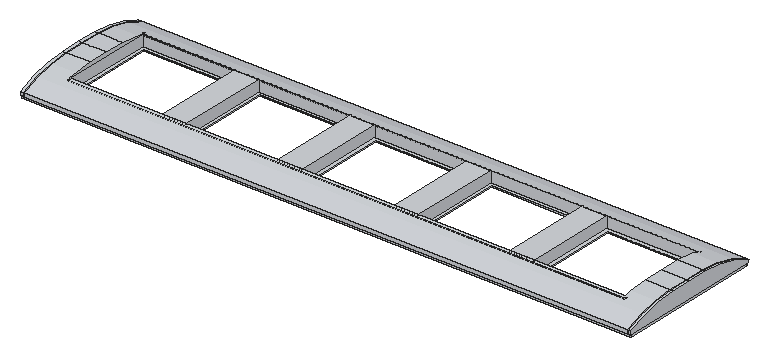
Revit family "Gira_021559", category Electrical Fixtures, host Face, Revit 2017
Family settings
  Host = Face
  Maintain Annotation Orientation = No
  Round Connector Dimension = Use Diameter
  Part Type = Normal
  Cut with Voids When Loaded = No
  Shared = No
  Room Calculation Point = No
Parameters (values of type "Cov.fr. 5-g interm.fr. CAl Gira Event Opaque dark brown")
  With mounting grid = "No"
  With hinged lid = "No"
  URL = "http://katalog.gira.de/en/datenblatt.html?artikelnr=021559"
  Type of fastening = "Clamp mounting"
  Transparent = "No"
  Surface protection = "Other"
  Suitable for wall duct = "No"
  Suitable for flush-mounted installation = "Yes"
  Suitable for floor box = "No"
  Suitable for built-in installation = "No"
  Number of units vertical = "5"
  Number of units horizontal = "5"
  Number of units = "5"
  Name = "Cov.fr. 5-g interm.fr. CAl Gira Event Opaque dark brown"
  Mounting direction = "Horizontal and vertical"
  Material quality = "Thermoplastic"
  Material = "Plastic"
  Manufacturer URL = "https://www.gira.de/"
  Manufacturer = "Gira"
  Label space/information surface = "No"
  Keynote = ""
  HeinzeBIM = "https://bimportal.heinze.de/bim/cov-fr-5-g-interm-fr-cal-gira-event-opaque-dark-brown/d66757a9798034e841e2a4e20504c3a6f5306671"
  Halogen free = "Yes"
  HAN = "021559"
  GTIN = "4010337003465"
  Description = "Cov.fr.5g i.fr.CAl EvOp DBN,Gira Event Opaque frames,dark brown with colour aluminium intermediate frame,5-gang,Features:,- Shatter-proof."
  Degree of protection (IP) = "IP20"
  Default Elevation = 1219.2 mm
  Data sheet (1) = "https://katalog.gira.de/en/download.html?artikelnr=021559"
  Colour = "Brown"
  Category = "Cover frame for domestic switching devices"
  BIM (1) = "https://media.stage.bim.site/public/gira/36a6b08/Event_Rahmen_5fach.rfa"
  Available = "No"
Reference planes
  plane 1 "Center (Front/Back)": y = 0
  plane 2: z = 0
  plane 3 "Center (Left/Right)": x = 0
Forms (mm)
  Extrusion 1, solid, detail levels fine
    sketch origin (0, 0, 0.05) x (0, 1, 0) y (0, 0, 1)
      loop
        arc (12.445, 9.683) -> (6.223, 9.833) -> (0, 9.85) r 291.636
        arc (0, 9.85) -> (-6.223, 9.833) -> (-12.445, 9.683) r 291.636
        arc (-12.445, 9.683) -> (-29.14, 7.482) -> (-45, 1.823) r 79.728
        line (-45, 1.823) -> (-45, -0.05) -> (-42.086, -0.05)
        arc (-42.086, -0.05) -> (-21.385, 5.559) -> (0, 7.206) r 114.424
        arc (0, 7.206) -> (21.385, 5.559) -> (42.086, -0.05) r 114.424
        line (42.086, -0.05) -> (45, -0.05) -> (45, 1.823)
        arc (45, 1.823) -> (29.14, 7.482) -> (12.445, 9.683) r 79.728
    from -185.578 to 185.593
  Extrusion 2, void, detail levels fine
    sketch origin (0, 0, 0) x (1, 0, 0) y (0, 1, 0)
      loop
        line (170.607, 28) -> (-170.593, 28) -> (-170.593, -28) -> (170.607, -28) -> (170.607, 28)
    from 0.724 to 11
  Extrusion 3, solid, detail levels coarse
    sketch origin (0, 0, 0) x (1, 0, 0) y (0, 1, 0)
      loop
        line (-187.578, 45) -> (-187.578, -45) -> (187.593, -45) -> (187.593, 45) -> (-187.578, 45)
    from -1.5 to 9.9
  Extrusion 4, solid, detail levels medium
    sketch origin (0, 0, 0.05) x (0, 1, 0) y (0, 0, 1)
      loop
        arc (12.445, 9.683) -> (6.223, 9.833) -> (0, 9.85) r 291.636
        arc (0, 9.85) -> (-6.223, 9.833) -> (-12.445, 9.683) r 291.636
        arc (-12.445, 9.683) -> (-29.14, 7.482) -> (-45, 1.823) r 79.728
        line (-45, 1.823) -> (-45, -0.05) -> (45, -0.05) -> (45, 1.823)
        arc (45, 1.823) -> (29.14, 7.482) -> (12.445, 9.683) r 79.728
    from -187.578 to 187.593
  Extrusion 5, solid, detail levels fine
    sketch origin (-142.578, 0, -1.5) x (0, 1, 0) y (0, 0, -1)
      loop
        line (45, -3.373) -> (45, -1.5) -> (-45, -1.5) -> (-45, -3.373)
        arc (-45, -3.373) -> (-29.14, -9.032) -> (-12.445, -11.233) r 79.728
        arc (-12.445, -11.233) -> (-6.223, -11.383) -> (0, -11.4) r 291.636
        arc (0, -11.4) -> (6.223, -11.383) -> (12.445, -11.233) r 291.636
        arc (12.445, -11.233) -> (29.14, -9.032) -> (45, -3.373) r 79.728
    from 43 to 45
  Extrusion 6, solid, detail levels fine
    sketch origin (0, 0, 0) x (1, 0, 0) y (0, 1, 0)
      loop
        line (-168.493, 25.7) -> (-168.493, -25.7) -> (-116.693, -25.7) -> (-116.693, 25.7) -> (-168.493, 25.7)
      loop
        line (-45.398, -25.7) -> (-45.398, 25.7) -> (-97.198, 25.7) -> (-97.198, -25.7) -> (-45.398, -25.7)
      loop
        line (-171.487, 28.49) -> (-171.487, -28.495)
        spline (-171.487, -28.495) -> (-171.479, -28.625) -> (-171.453, -28.754) -> (-171.411, -28.878) -> (-171.353, -28.995) -> (-171.281, -29.104) -> (-171.194, -29.202) -> (-171.096, -29.288) -> (-170.987, -29.361) -> (-170.87, -29.419) -> (-170.746, -29.461) -> (-170.618, -29.486) -> (-170.487, -29.495)
        line (-170.487, -29.495) -> (170.502, -29.495)
        spline (170.502, -29.495) -> (170.633, -29.486) -> (170.761, -29.461) -> (170.885, -29.419) -> (171.002, -29.361) -> (171.111, -29.288) -> (171.209, -29.202) -> (171.296, -29.104) -> (171.368, -28.995) -> (171.426, -28.878) -> (171.468, -28.754) -> (171.494, -28.625) -> (171.502, -28.495)
        line (171.502, -28.495) -> (171.502, 28.49)
        spline (171.502, 28.49) -> (171.494, 28.62) -> (171.468, 28.748) -> (171.426, 28.872) -> (171.368, 28.99) -> (171.296, 29.098) -> (171.209, 29.197) -> (171.111, 29.283) -> (171.002, 29.356) -> (170.885, 29.413) -> (170.761, 29.456) -> (170.633, 29.481) -> (170.502, 29.49)
        line (170.502, 29.49) -> (-170.487, 29.49)
        spline (-170.487, 29.49) -> (-170.618, 29.481) -> (-170.746, 29.456) -> (-170.87, 29.413) -> (-170.987, 29.356) -> (-171.096, 29.283) -> (-171.194, 29.197) -> (-171.281, 29.098) -> (-171.353, 28.99) -> (-171.411, 28.872) -> (-171.453, 28.748) -> (-171.479, 28.62) -> (-171.487, 28.49)
      loop
        line (25.902, -25.7) -> (25.902, 25.7) -> (-25.898, 25.7) -> (-25.898, -25.7) -> (25.902, -25.7)
      loop
        line (97.207, -25.7) -> (97.207, 25.7) -> (45.407, 25.7) -> (45.407, -25.7) -> (97.207, -25.7)
      loop
        line (168.507, -25.7) -> (168.507, 25.7) -> (116.707, 25.7) -> (116.707, -25.7) -> (168.507, -25.7)
    from 0.1 to 7.3
  Extrusion 7, solid
    sketch origin (0, 0, 0) x (1, 0, 0) y (0, 1, 0)
      loop
        arc (-187.293, -44.218) -> (-187.146, -44.572) -> (-186.793, -44.718) r 0.5
        line (-186.793, -44.718) -> (186.807, -44.718)
        arc (186.807, -44.718) -> (187.161, -44.572) -> (187.307, -44.218) r 0.5
        line (187.307, -44.218) -> (187.307, 44.182)
        arc (187.307, 44.182) -> (187.161, 44.535) -> (186.807, 44.682) r 0.5
        line (186.807, 44.682) -> (-186.793, 44.682)
        arc (-186.793, 44.682) -> (-187.146, 44.535) -> (-187.293, 44.182) r 0.5
        line (-187.293, 44.182) -> (-187.293, -44.218)
      loop
        line (-185.593, 42.982) -> (-185.593, -43.018) -> (185.607, -43.018) -> (185.607, 42.982) -> (-185.593, 42.982)
    from -1.5 to 0.5
  Extrusion 8, solid, detail levels fine
    sketch origin (142.593, 0, -1.5) x (0, 1, 0) y (0, 0, 1)
      loop
        arc (45, 3.373) -> (29.14, 9.032) -> (12.445, 11.233) r 79.728
        arc (12.445, 11.233) -> (6.223, 11.383) -> (0, 11.4) r 291.636
        arc (0, 11.4) -> (-6.223, 11.383) -> (-12.445, 11.233) r 291.636
        arc (-12.445, 11.233) -> (-29.14, 9.032) -> (-45, 3.373) r 79.728
        line (-45, 3.373) -> (-45, 1.5) -> (45, 1.5) -> (45, 3.373)
    from 43 to 45
  Extrusion 9, solid, detail levels medium
    sketch origin (0, 0, 0) x (1, 0, 0) y (0, 1, 0)
      loop
        line (-187.293, -44.718) -> (187.307, -44.718) -> (187.307, 44.682) -> (-187.293, 44.682) -> (-187.293, -44.718)
    from -1.5 to 0.5
  Extrusion 10, solid, detail levels fine
    sketch origin (-105.5, 0, 0) x (1, 0, 0) y (0, 1, 0)
      loop
        line (-8.943, 28.063) -> (-8.943, -27.937) -> (6.057, -27.937) -> (6.057, 28.063) -> (-8.943, 28.063)
    from 0.724 to 7.566
  Extrusion 11, solid, detail levels fine
    sketch origin (-37.085, 0, 0) x (-1, 0, 0) y (0, -1, 0)
      loop
        line (-8.943, -28.063) -> (6.057, -28.063) -> (6.057, 27.937) -> (-8.943, 27.937) -> (-8.943, -28.063)
    from 0.724 to 7.566
  Extrusion 12, solid, detail levels fine
    sketch origin (105.5, 0, 0) x (-1, 0, 0) y (0, -1, 0)
      loop
        line (-8.943, -28.063) -> (6.057, -28.063) -> (6.057, 27.937) -> (-8.943, 27.937) -> (-8.943, -28.063)
    from 0.724 to 7.566
  Extrusion 13, solid, detail levels fine
    sketch origin (37.085, 0, 0) x (1, 0, 0) y (0, 1, 0)
      loop
        line (-8.943, 28.063) -> (-8.943, -27.937) -> (6.057, -27.937) -> (6.057, 28.063) -> (-8.943, 28.063)
    from 0.724 to 7.566
Cuts and joins
  Extrusion 2 cuts Extrusion 1
  Extrusion 2 cuts Extrusion 6
Dimensions and locks
  aligned and locked: plane 2 to host face
  aligned and locked: level to host face
